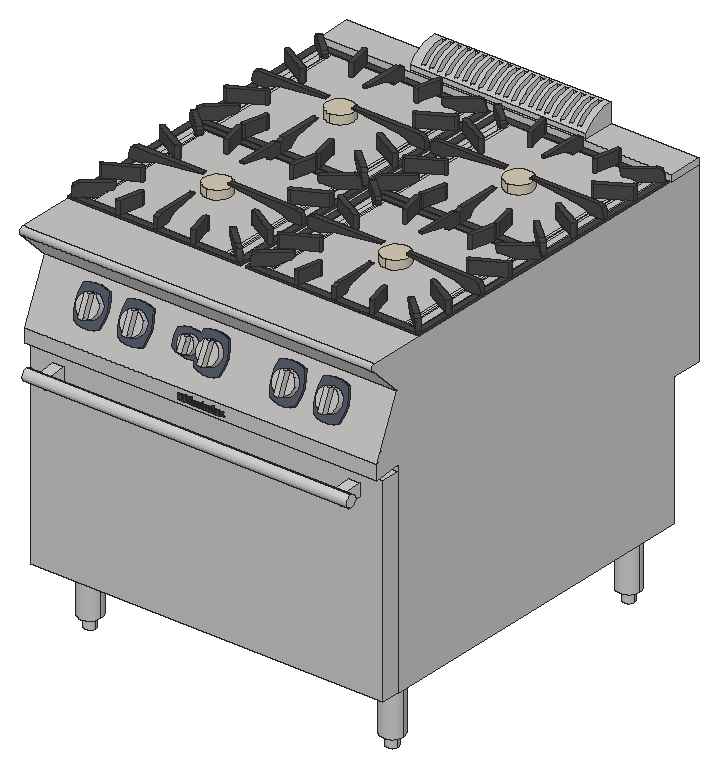
Revit family "QF_ELECTROLUXPROFESSIONAL_391577_E9AALTBBMEI", category Attrezzature speciali, Revit 2018 (continued)
Automatic sketch dimensions
  Extrusion 12 sketch curve to Extrusion 12 sketch curve = 3.062 mm
  Extrusion 12 sketch curve to Extrusion 12 sketch curve = 2.968 mm
  Extrusion 12 sketch curve to Extrusion 12 sketch curve = 5.044 mm
  Extrusion 12 sketch curve to Extrusion 12 sketch curve = 0.629 mm  (x2)
  Extrusion 12 sketch curve to Extrusion 12 sketch curve = 1.131 mm
  Extrusion 12 sketch curve to Extrusion 12 sketch curve = 0.137 mm
  Extrusion 12 sketch curve to Extrusion 12 sketch curve = 0.027 mm
  Extrusion 12 sketch curve to Extrusion 12 sketch curve = 2.235 mm
  Extrusion 13 sketch curve to Extrusion 1 = 0 mm
  Extrusion 1 to Extrusion 13 sketch curve = 9.61 mm
  Extrusion 13 sketch curve to Extrusion 1 = 0.775 mm
  Extrusion 1 to Extrusion 13 sketch curve = 0.1 mm
  Extrusion 15 sketch curve to plane 12 = 13.597 mm
  Extrusion 15 sketch curve to plane 13 = 298.908 mm
  plane 5 "FRONT" to Extrusion 15 sketch curve = 18.336 mm
  Extrusion 15 sketch curve to Extrusion 15 sketch curve = 3.343 mm
  Extrusion 15 sketch curve to Extrusion 15 sketch curve = 2.066 mm
  Extrusion 15 sketch curve to Extrusion 15 sketch curve = 0 mm  (x2)
  Extrusion 15 sketch curve to Extrusion 15 sketch curve = 1.593 mm
  Extrusion 15 sketch curve to Extrusion 15 sketch curve = 5.756 mm
  Extrusion 15 sketch curve to Extrusion 15 sketch curve = 4.906 mm
  Extrusion 15 sketch curve to Extrusion 15 sketch curve = 5.312 mm
  plane 5 "FRONT" to Extrusion 15 sketch curve = 9.206 mm
  Extrusion 15 sketch curve to Extrusion 15 sketch curve = 11.3 mm
  Extrusion 15 sketch curve to Extrusion 15 sketch curve = 28.009 mm
  Extrusion 15 sketch curve to Extrusion 15 sketch curve = 2.83 mm
  Extrusion 16 sketch curve to plane 12 = 13.597 mm
  Extrusion 16 sketch curve to plane 13 = 298.908 mm
  plane 5 "FRONT" to Extrusion 16 sketch curve = 18.336 mm
  Extrusion 16 sketch curve to Extrusion 16 sketch curve = 3.343 mm
  Extrusion 16 sketch curve to Extrusion 16 sketch curve = 2.066 mm
  Extrusion 16 sketch curve to Extrusion 16 sketch curve = 0 mm  (x2)
  Extrusion 16 sketch curve to Extrusion 16 sketch curve = 1.593 mm
  Extrusion 16 sketch curve to Extrusion 16 sketch curve = 5.756 mm
  Extrusion 16 sketch curve to Extrusion 16 sketch curve = 4.906 mm
  Extrusion 16 sketch curve to Extrusion 16 sketch curve = 5.312 mm
  plane 5 "FRONT" to Extrusion 16 sketch curve = 9.206 mm
  Extrusion 16 sketch curve to Extrusion 16 sketch curve = 11.3 mm
  Extrusion 16 sketch curve to Extrusion 16 sketch curve = 28.009 mm
  Extrusion 16 sketch curve to Extrusion 16 sketch curve = 11.2 mm
  Extrusion 17 sketch curve to Extrusion 13 = 0 mm
  Extrusion 17 sketch curve to Extrusion 13 = 0.003 mm
  Extrusion 13 to Extrusion 17 sketch curve = 0 mm
  plane 5 "FRONT" to Extrusion 19 sketch curve = 0 mm  (x2)
  plane 1 "BACK" to Extrusion 19 sketch curve = 0 mm
  Extrusion 19 sketch curve to plane 3 "LEFT" = 0 mm
  Extrusion 19 sketch curve to plane 4 "RIGHT" = 0 mm
  Extrusion 19 sketch curve to plane 3 "LEFT" = 100.013 mm
  Extrusion 19 sketch curve to Extrusion 19 sketch curve = 100.013 mm
  Extrusion 19 sketch curve to plane 1 "BACK" = 100.013 mm
  plane 4 "RIGHT" to Revolve 3 sketch curve = 56 mm
  Revolve 3 sketch curve to Revolve 3 sketch curve = 0 mm
  plane 4 "RIGHT" to Revolve 4 sketch curve = 56 mm
  Revolve 4 sketch curve to Revolve 4 sketch curve = 0 mm
  Extrusion 9 sketch curve to Extrusion 9 sketch curve = 15.898 mm
  plane 5 "FRONT" to curve 1 = 0 mm
  curve 9 to plane 3 "LEFT" = 0 mm
  plane 5 "FRONT" to curve 20 = 0 mm
  curve 5 to plane 4 "RIGHT" = 0 mm
  curve 1 to plane 3 "LEFT" = 100.013 mm
  plane 5 "FRONT" to curve 13 = 7.706 mm
  plane 14 to curve 13 = 25.075 mm
  plane 14 to curve 20 = 5.2 mm
  curve 22 to plane 14 = 20.2 mm
  curve 17 to plane 18 = 20.2 mm
  plane 18 to curve 23 = 5.2 mm
  plane 5 "FRONT" to curve 15 = 7.706 mm
  curve 15 to curve 15 = 19.875 mm
  plane 4 "RIGHT" to curve 10 = 0.1 mm
  curve 2 to plane 4 "RIGHT" = 100.013 mm
  curve 17 to curve 17 = 23.508 mm
  curve 20 to curve 19 = 15.802 mm
  curve 12 to curve 20 = 9.598 mm
  curve 9 to curve 12 = 387.524 mm
  curve 18 to curve 17 = 7.706 mm
  plane 5 "FRONT" to curve 10 = 0.63 mm
  curve 3 to plane 5 "FRONT" = 0.396 mm
  plane 11 to curve 7 = 4.762 mm
  curve 2 to plane 1 "BACK" = 100.013 mm
  plane 1 "BACK" to curve 24 = 0 mm
  curve 24 to plane 14 = 144 mm
  plane 1 "BACK" to curve 105 = 6.761 mm
  curve 24 to curve 105 = 20.698 mm
  curve 104 to curve 103 = 9.296 mm
  curve 103 to curve 102 = 9.397 mm
  curve 100 to curve 99 = 9.296 mm
  curve 99 to curve 97 = 9.397 mm
  curve 97 to curve 98 = 9.296 mm
  curve 95 to curve 93 = 9.397 mm
  curve 93 to curve 94 = 9.296 mm
  curve 91 to curve 90 = 9.397 mm
  curve 89 to curve 87 = 9.296 mm
  curve 87 to curve 85 = 9.397 mm
  curve 85 to curve 86 = 9.296 mm
  curve 83 to curve 82 = 9.397 mm
  curve 81 to curve 82 = 9.296 mm
  curve 79 to curve 76 = 9.397 mm
  curve 77 to curve 78 = 9.296 mm
  curve 75 to curve 72 = 9.397 mm
  curve 73 to curve 74 = 9.296 mm
  curve 71 to curve 68 = 9.397 mm
  curve 67 to plane 7 "Center Y" = 1.823 mm
  plane 7 "Center Y" to curve 65 = 7.574 mm
  curve 65 to curve 66 = 9.296 mm
  curve 63 to curve 61 = 9.397 mm
  curve 61 to curve 59 = 9.296 mm
  curve 59 to curve 57 = 9.397 mm
  curve 57 to curve 55 = 9.296 mm
  curve 55 to curve 53 = 9.397 mm
  curve 53 to curve 51 = 9.296 mm
  curve 51 to curve 48 = 9.397 mm
  curve 49 to curve 47 = 9.296 mm
  curve 47 to curve 45 = 9.397 mm
  curve 45 to curve 46 = 9.296 mm
  curve 43 to curve 41 = 9.397 mm
  curve 41 to curve 42 = 9.296 mm
  curve 39 to curve 37 = 9.397 mm
  curve 37 to curve 38 = 9.296 mm
  curve 35 to curve 32 = 9.397 mm
  curve 33 to curve 31 = 9.296 mm
  curve 31 to curve 28 = 9.397 mm
  curve 29 to curve 27 = 9.296 mm
  curve 27 to curve 26 = 14.847 mm
  plane 11 to curve 26 = 11.113 mm
  plane 11 to curve 104 = 17.052 mm
  plane 11 to curve 100 = 17.052 mm
  curve 100 to curve 96 = 0 mm
  curve 25 to curve 27 = 5.939 mm
  curve 95 to curve 93 = 0 mm
  curve 31 to curve 28 = 0 mm
  curve 91 to curve 89 = 0 mm
  curve 35 to curve 32 = 0 mm
  curve 87 to curve 85 = 0 mm
  curve 39 to curve 36 = 0 mm
  curve 83 to curve 81 = 0 mm
  curve 43 to curve 40 = 0 mm
  curve 79 to curve 77 = 0 mm
  curve 47 to curve 44 = 0 mm
  curve 75 to curve 73 = 0 mm
  curve 51 to curve 48 = 0 mm
  curve 71 to curve 69 = 0 mm
  curve 55 to curve 52 = 0 mm
  curve 67 to curve 65 = 0 mm
  curve 59 to curve 56 = 0 mm
  plane 1 "BACK" to curve 62 = 6.761 mm
  plane 1 "BACK" to curve 63 = 6.761 mm
  plane 1 "BACK" to curve 58 = 6.761 mm
  plane 1 "BACK" to curve 67 = 6.761 mm
  plane 1 "BACK" to curve 54 = 6.761 mm
  plane 1 "BACK" to curve 50 = 6.761 mm
  plane 1 "BACK" to curve 73 = 6.761 mm
  plane 1 "BACK" to curve 46 = 6.761 mm
  plane 1 "BACK" to curve 77 = 6.761 mm
  plane 1 "BACK" to curve 42 = 6.761 mm
  plane 1 "BACK" to curve 81 = 6.761 mm
  plane 1 "BACK" to curve 83 = 6.761 mm
  plane 1 "BACK" to curve 38 = 6.761 mm
  plane 1 "BACK" to curve 34 = 6.761 mm
  plane 1 "BACK" to curve 89 = 6.761 mm
  plane 1 "BACK" to curve 91 = 6.761 mm
  plane 1 "BACK" to curve 30 = 6.761 mm
  plane 1 "BACK" to curve 95 = 6.761 mm
  plane 1 "BACK" to curve 101 = 6.761 mm
  radius of Extrusion 10 sketch curve = 25.4 mm  (x5)
  radius of Extrusion 10 sketch curve = 19.05 mm
  radius of Extrusion 11 sketch curve to Extrusion 10 = 0 mm  (x6)
  radius of Extrusion 14 sketch curve to Extrusion 16 = 0 mm
  radius of Extrusion 18 sketch curve = 6.4 mm  (x2)
Nested families
  nested 1: "371009_BURNER" at (393.7, -440.488, 0) x (-1, 0, 0) z (0, 0, 1), type "371009_BURNER"
    with Type Mark "", Status "", Specification by User "", Revision Code "", Item Number "", Installed By "", Identify Quantity as Lot yes, Furnished By "", Foodservice Equipment Identifier yes
  nested 2: "371009_BURNER" at (393.7, -440.488, 0) x (-1, 0, 0) z (0, 0, 1), type "371009_BURNER"
    with Type Mark "", Status "", Specification by User "", Revision Code "", Item Number "", Installed By "", Identify Quantity as Lot yes, Furnished By "", Foodservice Equipment Identifier yes
  nested 3: "371009_BURNER" at (406.4, -440.488, 0), type "371009_BURNER"
    with Type Mark "", Status "", Specification by User "", Revision Code "", Item Number "", Installed By "", Identify Quantity as Lot yes, Furnished By "", Foodservice Equipment Identifier yes
  nested 4: "371009_BURNER" at (406.4, -440.488, 0), type "371009_BURNER"
    with Type Mark "", Status "", Specification by User "", Revision Code "", Item Number "", Installed By "", Identify Quantity as Lot yes, Furnished By "", Foodservice Equipment Identifier yes
Connectors
  piping at (749.3, -665.163, 128.587), diameter 12.8
    settings: on Extrusion 18, index 1, connector inside diameter 0.50394", connector length 0 mm, flow factor 0, pipe flow 0 GPM, pressure drop 0.00 psi, fitting loss kfactor 0, connector angle 0.00°, fixture units 0, engagement length 0 mm, angle of deflection 0.00°, flow configuration 1, flow direction 1, fitting loss method 0, system type 7, joint type 0, gender type 0, connector reference index -1, connector utility 0, adjustable connector no, is connector primary yes, connector description "GAS CONNECTION"
Definition of nested family "371009_BURNER"
  Parameters
    Weight in Pounds = 0
    URL Cutsheet = ""
    URL = "www.electrolux.com"
    Type Mark [instance] = ""
    Status [instance] = ""
    Specification by User [instance] = ""
    Specification by Manufacturer = ""
    Show Clearance [instance] = yes
    Serial Number = ""
    Seismic Rating = ""
    SMACNA No = ""
    Revision Code [instance] = ""
    Omniclass Number and Title = ""
    NAFEM Spec ID Number = ""
    Model = "371009"
    Masterspec = ""
    Manufacturer = "ELECTROLUX"
    Item Number [instance] = ""
    Installed By [instance] = ""
    Identify Quantity as Lot [instance] = yes
    Furnished By [instance] = ""
    Foodservice Equipment Identifier [instance] = yes
    Description = ""
    CSI MasterFormat = ""
    CSI Master Format = ""
  Reference planes
    plane 1 "BACK": y = 0
    plane 2: z = 0
    plane 3 "LEFT": x = 0
    plane 4 "RIGHT": x = 393.7
    plane 5 "FRONT": y = -355.6
    plane 6 "TOP": z = 908.85
    plane 7 "Center Y": x = 196.85
    plane 8 "Center X": y = -177.8
    plane 9 "Base": z = 150
    plane 10: z = 850.85
  Forms (mm)
    Extrusion 1, solid
      sketch origin (-6.433, -404.961, 5) x (1, 0, 0) y (0, 0, -1)
        loop
          arc (7.142, -850.85) -> (6.739, -862.989) -> (9.761, -874.752) r 42.809
          line (9.761, -874.752) -> (19.961, -879.425) -> (173.122, -879.425)
          arc (173.122, -879.425) -> (174.316, -878.312) -> (173.289, -877.043) r 1.197
          line (173.289, -877.043) -> (64.848, -864.021)
          arc (64.848, -864.021) -> (50.111, -858.738) -> (36.589, -850.85) r 85.245
          line (36.589, -850.85) -> (7.142, -850.85)
        loop
          line (399.424, -850.85) -> (369.977, -850.85)
          arc (369.977, -850.85) -> (356.455, -858.738) -> (341.718, -864.021) r 85.245
          line (341.718, -864.021) -> (233.277, -877.043)
          arc (233.277, -877.043) -> (232.25, -878.312) -> (233.444, -879.425) r 1.197
          line (233.444, -879.425) -> (386.605, -879.425) -> (396.806, -874.752)
          arc (396.806, -874.752) -> (399.827, -862.989) -> (399.424, -850.85) r 42.809
      from 224.564 to 234.564
    Extrusion 2, solid
      sketch origin (196.85, 175.397, 1219.2) x (0, 1, 0) y (0, 0, 1)
        loop
          line (-204.463, -363.35) -> (-175.397, -363.35) -> (-175.397, -339.506)
          arc (-175.397, -339.506) -> (-181.025, -338.266) -> (-185.611, -334.775) r 13.39
          line (-185.611, -334.775) -> (-278.903, -334.775)
          arc (-278.903, -334.775) -> (-280.097, -335.888) -> (-279.07, -337.157) r 1.197
          line (-279.07, -337.157) -> (-227.151, -347.464)
          arc (-227.151, -347.464) -> (-213.741, -352.457) -> (-204.463, -363.35) r 28.426
        loop
          arc (-496.332, -363.35) -> (-487.053, -352.457) -> (-473.644, -347.464) r 28.426
          line (-473.644, -347.464) -> (-421.725, -337.157)
          arc (-421.725, -337.157) -> (-420.697, -335.888) -> (-421.891, -334.775) r 1.197
          line (-421.891, -334.775) -> (-515.184, -334.775)
          arc (-515.184, -334.775) -> (-519.769, -338.266) -> (-525.397, -339.506) r 13.39
          line (-525.397, -339.506) -> (-525.397, -363.35) -> (-496.332, -363.35)
      from -5 to 5
    Extrusion 3, solid
      sketch origin (-6.433, 367.064, 850.85) x (0, -1, 0) y (1, 0, 0)
        loop
          line (722.664, 6.433) -> (722.664, 400.133) -> (367.064, 400.133) -> (367.064, 6.433) -> (722.664, 6.433)
        loop
          line (382.064, 21.433) -> (707.664, 21.433) -> (707.664, 385.133) -> (382.064, 385.133) -> (382.064, 21.433)
      from 0 to 5
    Extrusion 4, solid
      sketch origin (-18.933, 367.064, 855.85) x (0, -1, 0) y (1, 0, 0)
        loop
          circle (541.667, 215.783) r 30
      from -1.321 to 17.134
    Extrusion 5, solid
      sketch origin (-6.433, -367.064, 0) x (1, 0, 0) y (0, 0, -1)
        loop
          line (21.433, -855.85) -> (36.589, -855.85)
          arc (36.589, -855.85) -> (40.561, -855.243) -> (44.305, -853.783) r 18.259
          arc (44.305, -853.783) -> (45.997, -853.366) -> (47.69, -853.783) r 3.649
          arc (47.69, -853.783) -> (49.901, -854.522) -> (52.232, -854.529) r 7.328
          line (52.232, -854.529) -> (354.334, -854.529)
          arc (354.334, -854.529) -> (356.666, -854.522) -> (358.877, -853.783) r 7.328
          arc (358.877, -853.783) -> (360.569, -853.366) -> (362.261, -853.783) r 3.649
          arc (362.261, -853.783) -> (366.005, -855.243) -> (369.977, -855.85) r 18.259
          line (369.977, -855.85) -> (385.133, -855.85) -> (385.133, -850.85) -> (21.433, -850.85) -> (21.433, -855.85)
      from 26.464 to 352.064
    Extrusion 6, solid
      sketch origin (83.284, -458.334, 5) x (0.742103, 0.670286, 0) y (0, 0, -1)
        loop
          arc (88.629, -864.012) -> (73.909, -858.731) -> (60.402, -850.85) r 85.245
          line (60.402, -850.85) -> (14.993, -850.85)
          arc (14.993, -850.85) -> (14.642, -862.948) -> (17.686, -874.663) r 42.876
          line (17.686, -874.663) -> (27.899, -879.425) -> (89.664, -879.425)
          arc (89.664, -879.425) -> (92.39, -878.352) -> (93.654, -875.709) r 4
          arc (93.654, -875.709) -> (92.562, -869.25) -> (88.629, -864.012) r 13.87
        loop
          arc (457.638, -864.012) -> (453.704, -869.25) -> (452.613, -875.709) r 13.87
          arc (452.613, -875.709) -> (453.876, -878.352) -> (456.603, -879.425) r 4
          line (456.603, -879.425) -> (518.367, -879.425) -> (528.581, -874.663)
          arc (528.581, -874.663) -> (531.624, -862.948) -> (531.273, -850.85) r 42.876
          line (531.273, -850.85) -> (485.865, -850.85)
          arc (485.865, -850.85) -> (472.357, -858.731) -> (457.638, -864.012) r 85.245
      from 127.064 to 137.064
    Extrusion 7, solid
      sketch origin (310.416, -458.334, 5) x (-0.742103, 0.670286, 0) y (0, 0, 1)
        loop
          arc (88.629, 864.012) -> (92.562, 869.25) -> (93.654, 875.709) r 13.87
          arc (93.654, 875.709) -> (92.39, 878.352) -> (89.664, 879.425) r 4
          line (89.664, 879.425) -> (27.899, 879.425) -> (17.686, 874.663)
          arc (17.686, 874.663) -> (14.642, 862.948) -> (14.993, 850.85) r 42.876
          line (14.993, 850.85) -> (60.402, 850.85)
          arc (60.402, 850.85) -> (73.909, 858.731) -> (88.629, 864.012) r 85.245
        loop
          arc (457.638, 864.012) -> (472.357, 858.731) -> (485.865, 850.85) r 85.245
          line (485.865, 850.85) -> (531.273, 850.85)
          arc (531.273, 850.85) -> (531.624, 862.948) -> (528.581, 874.663) r 42.876
          line (528.581, 874.663) -> (518.367, 879.425) -> (456.603, 879.425)
          arc (456.603, 879.425) -> (453.876, 878.352) -> (452.613, 875.709) r 4
          arc (452.613, 875.709) -> (453.704, 869.25) -> (457.638, 864.012) r 13.87
      from 127.064 to 137.064
    Extrusion 8, solid
      sketch origin (-6.433, 367.064, 855.85) x (0, -1, 0) y (1, 0, 0)
        loop
          arc (626.166, 9.428) -> (632.956, 7.454) -> (634.93, 14.244) r 5
          line (634.93, 14.244) -> (600.514, 76.878)
          arc (600.514, 76.878) -> (593.724, 78.852) -> (591.75, 72.062) r 5
          line (591.75, 72.062) -> (626.166, 9.428)
        loop
          line (463.562, 9.428) -> (497.977, 72.062)
          arc (497.977, 72.062) -> (496.003, 78.852) -> (489.213, 76.878) r 5
          line (489.213, 76.878) -> (454.798, 14.244)
          arc (454.798, 14.244) -> (456.772, 7.454) -> (463.562, 9.428) r 5
        loop
          line (626.166, 397.138) -> (591.75, 334.504)
          arc (591.75, 334.504) -> (593.724, 327.714) -> (600.514, 329.689) r 5
          line (600.514, 329.689) -> (634.93, 392.323)
          arc (634.93, 392.323) -> (632.956, 399.113) -> (626.166, 397.138) r 5
        loop
          arc (463.562, 397.138) -> (456.772, 399.113) -> (454.798, 392.323) r 5
          line (454.798, 392.323) -> (489.213, 329.689)
          arc (489.213, 329.689) -> (496.003, 327.714) -> (497.977, 334.504) r 5
          line (497.977, 334.504) -> (463.562, 397.138)
        loop
          line (715.14, 293.499) -> (666.703, 282.317)
          arc (666.703, 282.317) -> (662.956, 276.32) -> (668.953, 272.573) r 5
          line (668.953, 272.573) -> (717.389, 283.756)
          arc (717.389, 283.756) -> (721.136, 289.752) -> (715.14, 293.499) r 5
        loop
          arc (715.14, 113.067) -> (721.136, 116.814) -> (717.389, 122.811) r 5
          line (717.389, 122.811) -> (668.953, 133.993)
          arc (668.953, 133.993) -> (662.956, 130.246) -> (666.703, 124.249) r 5
          line (666.703, 124.249) -> (715.14, 113.067)
        loop
          arc (374.588, 293.499) -> (368.591, 289.752) -> (372.338, 283.756) r 5
          line (372.338, 283.756) -> (420.775, 272.573)
          arc (420.775, 272.573) -> (426.771, 276.32) -> (423.024, 282.317) r 5
          line (423.024, 282.317) -> (374.588, 293.499)
        loop
          line (374.588, 113.067) -> (423.024, 124.249)
          arc (423.024, 124.249) -> (426.771, 130.246) -> (420.775, 133.993) r 5
          line (420.775, 133.993) -> (372.338, 122.811)
          arc (372.338, 122.811) -> (368.591, 116.814) -> (374.588, 113.067) r 5
      from 0 to 28.575
  Lines and regions (mm)
    symbolic lines
      curve 1: line (0, -355.6, 150) -> (393.7, -355.6, 150)
      curve 2: line (0, 0, 150) -> (0, -355.6, 150)
      curve 3: line (393.7, -355.6, 150) -> (393.7, 0, 150)
      curve 4: line (369.633, -15, 150) -> (285.34, -15, 150)
      curve 5: line (24.067, -340.6, 150) -> (108.36, -340.6, 150)
      curve 6: line (157.475, -170.397, 150) -> (157.475, -15, 150)
      curve 7: line (236.225, -170.397, 150) -> (236.225, -15, 150)
      curve 8: line (201.85, -350, 150) -> (201.85, -176.674, 150)
      curve 9: line (0, -180.397, 150) -> (167.224, -180.397, 150)
      curve 10: line (393.7, -170.397, 150) -> (228.275, -170.397, 150)
      curve 11: line (15, -180.397, 150) -> (15, -252.506, 150)
      curve 12: line (45.799, -340.6, 150) -> (45.799, -320.971, 150)
      curve 13: line (167.224, -170.397, 150) -> (0, -170.397, 150)
      curve 14: line (228.275, -180.504, 150) -> (393.7, -180.504, 150)
      curve 15: arc (228.275, -170.397, 150) -> (223.221, -175.45, 150) -> (228.275, -180.504, 150) r 5.054
      curve 16: arc (167.224, -170.397, 150) -> (172.224, -175.397, 150) -> (167.224, -180.397, 150) r 5
      curve 17: line (191.85, -176.674, 150) -> (191.85, -350, 150)
      curve 18: line (201.85, -134.556, 150) -> (201.85, -0.794, 150)
      curve 19: arc (201.85, -176.674, 150) -> (196.85, -171.674, 150) -> (191.85, -176.674, 150) r 5
      curve 20: arc (201.85, -134.556, 150) -> (196.85, -139.556, 150) -> (191.85, -134.556, 150) r 5
      curve 21: line (191.85, -15, 150) -> (118.623, -15, 150)
      curve 22: arc (201.85, -29.042, 150) -> (213.272, -50.008, 150) -> (201.85, -70.973, 150) r 24.953
      curve 23: arc (213.086, -53.048, 150) -> (214.5, -50.008, 150) -> (213.086, -46.967, 150) r 3.975
      curve 24: arc (191.85, -29.852, 150) -> (181.339, -50.008, 150) -> (191.85, -70.163, 150) r 24.58
      curve 25: arc (181.527, -53.042, 150) -> (179.976, -50.008, 150) -> (181.527, -46.973, 150) r 3.745
      curve 26: line (191.85, -0.794, 150) -> (191.85, -134.556, 150)
      curve 27: line (191.85, -350, 150) -> (201.85, -350, 150)
      curve 28: line (191.85, -11.007, 150) -> (201.85, -11.007, 150)
      curve 29: line (191.85, -0.794, 150) -> (201.85, -0.794, 150)
      curve 30: line (201.85, -340.6, 150) -> (275.077, -340.6, 150)
      curve 31: arc (196.85, -145.397, 0) -> (166.955, -172.888, 0) -> (191.85, -204.977, 0) r 30
      curve 32: arc (201.85, -204.977, 0) -> (226.745, -172.888, 0) -> (196.85, -145.397, 0) r 30
      curve 33: arc (158.678, -180.397, 0) -> (170.734, -200.207, 0) -> (191.85, -209.795, 0) r 39.375
      curve 34: line (163.825, -170.397, 150) -> (163.825, -15, 150)
      curve 35: line (229.875, -170.397, 150) -> (229.875, -15, 150)
      curve 36: line (144.775, -170.397, 150) -> (144.775, -15, 150)
      curve 37: line (248.925, -170.397, 150) -> (248.925, -15, 150)
      curve 38: arc (145.678, -180.397, 0) -> (161.728, -209.187, 0) -> (191.85, -222.573, 0) r 52.075
      curve 39: arc (201.85, -209.795, 0) -> (222.966, -200.207, 0) -> (235.022, -180.397, 0) r 39.375
      curve 40: arc (201.85, -222.573, 0) -> (231.931, -209.224, 0) -> (248.001, -180.504, 0) r 52.075
      curve 41: line (393.7, 0, 0) -> (0, 0, 0)
      curve 42: line (70.445, -122.149, 0) -> (7.81, -87.734, 0)
      curve 43: arc (7.81, -87.734, 0) -> (1.021, -89.708, 0) -> (2.995, -96.498, 0) r 5
      curve 44: line (2.995, -96.498, 0) -> (65.629, -130.914, 0)
      curve 45: arc (65.629, -130.914, 0) -> (72.419, -128.939, 0) -> (70.445, -122.149, 0) r 5
      curve 46: line (65.629, -224.686, 0) -> (2.995, -259.102, 0)
      curve 47: arc (2.995, -259.102, 0) -> (1.021, -265.892, 0) -> (7.81, -267.866, 0) r 5
      curve 48: line (7.81, -267.866, 0) -> (70.445, -233.451, 0)
      curve 49: arc (70.445, -233.451, 0) -> (72.419, -226.661, 0) -> (65.629, -224.686, 0) r 5
      curve 50: line (323.255, -122.149, 0) -> (385.89, -87.734, 0)
      curve 51: arc (385.89, -87.734, 0) -> (392.679, -89.708, 0) -> (390.705, -96.498, 0) r 5
      curve 52: line (390.705, -96.498, 0) -> (328.071, -130.914, 0)
      curve 53: arc (328.071, -130.914, 0) -> (321.281, -128.939, 0) -> (323.255, -122.149, 0) r 5
      curve 54: line (328.071, -224.686, 0) -> (390.705, -259.102, 0)
      curve 55: arc (390.705, -259.102, 0) -> (392.679, -265.892, 0) -> (385.89, -267.866, 0) r 5
      curve 56: line (385.89, -267.866, 0) -> (323.255, -233.451, 0)
      curve 57: arc (323.255, -233.451, 0) -> (321.281, -226.661, 0) -> (328.071, -224.686, 0) r 5
      curve 58: line (118.623, -340.6, 150) -> (191.85, -340.6, 150)
      curve 59: line (285.34, -340.6, 150) -> (369.633, -340.6, 150)
      curve 60: line (378.7, -335.314, 0) -> (378.7, -263.916, 0)
      curve 61: line (1.326, -7.935, 0) -> (58.752, -59.804, 0)
      curve 62: line (65.455, -52.383, 0) -> (8.029, -0.514, 0)
      curve 63: arc (58.752, -59.804, 0) -> (65.814, -59.445, 0) -> (65.455, -52.383, 0) r 5
      curve 64: line (1.326, -7.935, 0) -> (8.029, -0.514, 0)
      curve 65: line (392.374, -7.935, 0) -> (334.948, -59.804, 0)
      curve 66: line (328.245, -52.383, 0) -> (385.671, -0.514, 0)
      curve 67: arc (334.948, -59.804, 0) -> (327.886, -59.445, 0) -> (328.245, -52.383, 0) r 5
      curve 68: line (392.374, -7.935, 0) -> (385.671, -0.514, 0)
      curve 69: line (392.374, -347.665, 0) -> (334.948, -295.796, 0)
      curve 70: line (328.245, -303.217, 0) -> (385.671, -355.086, 0)
      curve 71: arc (334.948, -295.796, 0) -> (327.886, -296.155, 0) -> (328.245, -303.217, 0) r 5
      curve 72: line (392.374, -347.665, 0) -> (385.671, -355.086, 0)
      curve 73: line (1.326, -347.665, 0) -> (58.752, -295.796, 0)
      curve 74: line (65.455, -303.217, 0) -> (8.029, -355.086, 0)
      curve 75: arc (58.752, -295.796, 0) -> (65.814, -296.155, 0) -> (65.455, -303.217, 0) r 5
      curve 76: line (1.326, -347.665, 0) -> (8.029, -355.086, 0)
      curve 77: line (347.901, -15, 0) -> (347.901, -34.629, 0)
      curve 78: line (347.901, -320.971, 0) -> (347.901, -340.6, 0)
      curve 79: line (378.7, -252.506, 0) -> (378.7, -180.397, 0)
      curve 80: line (347.901, -246.993, 0) -> (347.901, -307.496, 0)
      curve 81: line (378.7, -170.397, 0) -> (378.7, -103.094, 0)
      curve 82: line (347.901, -180.397, 0) -> (347.901, -235.582, 0)
      curve 83: line (378.7, -91.684, 0) -> (378.7, -20.286, 0)
      curve 84: line (347.901, -120.018, 0) -> (347.901, -170.397, 0)
      curve 85: line (347.901, -48.104, 0) -> (347.901, -108.607, 0)
      curve 86: line (275.077, -15, 150) -> (201.85, -15, 150)
      curve 87: line (108.36, -15, 150) -> (24.067, -15, 150)
      curve 88: line (45.799, -40, 150) -> (45.799, -15, 150)
      curve 89: line (45.799, -108.607, 150) -> (45.799, -40, 150)
      curve 90: line (15, -20.286, 0) -> (15, -91.684, 0)
      curve 91: line (15, -103.094, 0) -> (15, -170.397, 0)
      curve 92: line (45.799, -170.397, 150) -> (45.799, -120.018, 150)
      curve 93: line (45.799, -235.582, 150) -> (45.799, -180.397, 150)
      curve 94: line (15, -263.916, 150) -> (15, -335.314, 150)
      curve 95: line (45.799, -307.496, 150) -> (45.799, -246.993, 150)
      curve 96: line (116.378, -350.325, 0) -> (127.56, -301.889, 0)
      curve 97: arc (127.56, -301.889, 0) -> (123.813, -295.892, 0) -> (117.816, -299.64, 0) r 5
      curve 98: line (117.816, -299.64, 0) -> (106.634, -348.076, 0)
      curve 99: arc (106.634, -348.076, 0) -> (110.381, -354.072, 0) -> (116.378, -350.325, 0) r 5
      curve 100: line (266.14, -301.889, 0) -> (277.322, -350.325, 0)
      curve 101: arc (277.322, -350.325, 0) -> (283.319, -354.072, 0) -> (287.066, -348.076, 0) r 5
      curve 102: line (287.066, -348.076, 0) -> (275.884, -299.64, 0)
      curve 103: arc (275.884, -299.64, 0) -> (269.887, -295.892, 0) -> (266.14, -301.889, 0) r 5
      curve 104: line (275.884, -55.96, 0) -> (287.066, -7.524, 0)
      curve 105: arc (287.066, -7.524, 0) -> (283.319, -1.528, 0) -> (277.322, -5.275, 0) r 5
      curve 106: line (277.322, -5.275, 0) -> (266.14, -53.711, 0)
      curve 107: arc (266.14, -53.711, 0) -> (269.887, -59.708, 0) -> (275.884, -55.96, 0) r 5
      curve 108: line (127.56, -53.711, 0) -> (116.378, -5.275, 0)
      curve 109: arc (116.378, -5.275, 0) -> (110.381, -1.528, 0) -> (106.634, -7.524, 0) r 5
      curve 110: line (106.634, -7.524, 0) -> (117.816, -55.96, 0)
      curve 111: arc (117.816, -55.96, 0) -> (123.813, -59.708, 0) -> (127.56, -53.711, 0) r 5
  Dimensions and locks
    equal spacing: plane 3 "LEFT", plane 7 "Center Y", plane 4 "RIGHT"
    plane 3 "LEFT" to plane 4 "RIGHT" = 393.7 mm
    equal spacing: plane 5 "FRONT", plane 8 "Center X", plane 1 "BACK"
    plane 5 "FRONT" to plane 1 "BACK" = 355.6 mm
    plane 6 "TOP" to level = 908.85 mm
    plane 9 "Base" to level = 150 mm
    plane 6 "TOP" to plane 10 = 58 mm  (x2)
    locked: Extrusion 4 sketch curve to plane 7 "Center Y" at 0
    aligned and locked: level to plane 2
  Automatic sketch dimensions
    curve 10 to plane 4 "RIGHT" = 0 mm
    curve 20 to plane 7 "Center Y" = 0 mm
    curve 19 to plane 7 "Center Y" = 0 mm
    curve 9 to plane 3 "LEFT" = 0 mm
    plane 1 "BACK" to curve 2 = 0 mm
    plane 1 "BACK" to curve 3 = 0 mm
    plane 5 "FRONT" to curve 2 = 0 mm
    curve 4 to plane 4 "RIGHT" = 24.067 mm
    curve 59 to plane 4 "RIGHT" = 24.067 mm
    plane 1 "BACK" to curve 37 = 15 mm
    plane 7 "Center Y" to curve 37 = 52.075 mm
    curve 37 to curve 7 = 12.7 mm
    curve 7 to curve 35 = 6.35 mm
    plane 8 "Center X" to curve 15 = 2.35 mm
    curve 35 to curve 15 = 1.6 mm
    plane 7 "Center Y" to curve 23 = 16.236 mm
    curve 23 to curve 23 = 0 mm
    curve 23 to curve 23 = 2.56 mm
    curve 23 to curve 24 = 4.607 mm
    plane 7 "Center Y" to curve 86 = 5 mm
    plane 7 "Center Y" to curve 27 = 5 mm
    curve 22 to plane 7 "Center Y" = 8.531 mm
    curve 22 to curve 25 = 4.597 mm
    curve 25 to curve 25 = 2.194 mm  (x2)
    curve 9 to plane 8 "Center X" = 2.597 mm
    curve 17 to curve 9 = 24.626 mm
    curve 21 to curve 34 = 28.025 mm
    curve 34 to curve 6 = 6.35 mm
    plane 8 "Center X" to curve 36 = 7.403 mm
    curve 6 to curve 36 = 12.7 mm
    plane 3 "LEFT" to curve 12 = 45.799 mm
    plane 3 "LEFT" to curve 87 = 24.067 mm
    plane 3 "LEFT" to curve 5 = 24.067 mm
    plane 1 "BACK" to curve 26 = 0.794 mm
    curve 28 to curve 86 = 3.993 mm
    curve 28 to curve 21 = 3.993 mm
    curve 86 to curve 22 = 14.042 mm
    curve 22 to curve 24 = 0.81 mm
    curve 22 to curve 23 = 17.925 mm
    curve 25 to curve 22 = 3.035 mm
    plane 8 "Center X" to curve 26 = 43.244 mm
    curve 15 to curve 15 = 5.054 mm
    plane 8 "Center X" to curve 17 = 1.126 mm
    curve 94 to curve 12 = 5.286 mm
    curve 58 to plane 5 "FRONT" = 15 mm
    curve 59 to plane 5 "FRONT" = 15 mm
    curve 8 to plane 5 "FRONT" = 5.6 mm
    plane 3 "LEFT" to Extrusion 1 sketch curve = 0.709 mm
    plane 3 "LEFT" to Extrusion 1 sketch curve = 3.327 mm
    Extrusion 1 sketch curve to Extrusion 1 sketch curve = 10.201 mm
    plane 10 to Extrusion 1 sketch curve = 5 mm  (x2)
    Extrusion 1 sketch curve to Extrusion 1 sketch curve = 29.447 mm
    Extrusion 1 sketch curve to Extrusion 1 sketch curve = 12.704 mm  (x2)
    Extrusion 1 sketch curve to Extrusion 1 sketch curve = 15.555 mm  (x2)
    plane 3 "LEFT" to Extrusion 1 sketch curve = 79.689 mm
    Extrusion 1 sketch curve to plane 7 "Center Y" = 30.161 mm
    Extrusion 1 sketch curve to Extrusion 1 sketch curve = 0.167 mm  (x2)
    plane 7 "Center Y" to Extrusion 1 sketch curve = 29.994 mm
    Extrusion 1 sketch curve to plane 4 "RIGHT" = 79.689 mm
    plane 10 to Extrusion 1 sketch curve = 18.171 mm
    Extrusion 1 sketch curve to plane 4 "RIGHT" = 58.415 mm
    Extrusion 1 sketch curve to plane 4 "RIGHT" = 13.528 mm
    Extrusion 1 sketch curve to plane 4 "RIGHT" = 3.327 mm
    Extrusion 1 sketch curve to plane 4 "RIGHT" = 0.709 mm
    Extrusion 1 sketch curve to Extrusion 1 sketch curve = 23.902 mm  (x2)
    Extrusion 1 sketch curve to plane 6 "TOP" = 26.807 mm  (x2)
    Extrusion 1 sketch curve to Extrusion 1 sketch curve = 1.185 mm  (x2)
    Extrusion 1 sketch curve to Extrusion 1 sketch curve = 5.694 mm
    Extrusion 2 sketch curve to plane 1 "BACK" = 0 mm
    plane 1 "BACK" to Extrusion 2 sketch curve = 10.213 mm
    plane 10 to Extrusion 2 sketch curve = 5 mm  (x2)
    plane 1 "BACK" to Extrusion 2 sketch curve = 29.066 mm
    plane 10 to Extrusion 2 sketch curve = 20.886 mm
    Extrusion 2 sketch curve to Extrusion 2 sketch curve = 22.688 mm  (x2)
    Extrusion 2 sketch curve to plane 10 = 7.392 mm  (x2)
    Extrusion 2 sketch curve to plane 6 "TOP" = 24.425 mm
    Extrusion 2 sketch curve to Extrusion 2 sketch curve = 51.752 mm
    Extrusion 2 sketch curve to plane 6 "TOP" = 26.807 mm  (x2)
    Extrusion 2 sketch curve to Extrusion 2 sketch curve = 0.167 mm  (x2)
    Extrusion 2 sketch curve to plane 8 "Center X" = 68.528 mm
    Extrusion 2 sketch curve to plane 5 "FRONT" = 60.248 mm
    Extrusion 2 sketch curve to Extrusion 2 sketch curve = 2.895 mm
    Extrusion 2 sketch curve to plane 5 "FRONT" = 15.813 mm
    Extrusion 2 sketch curve to plane 5 "FRONT" = 5.6 mm
    Extrusion 2 sketch curve to Extrusion 2 sketch curve = 4.731 mm
    Extrusion 2 sketch curve to Extrusion 2 sketch curve = 23.844 mm
    Extrusion 2 sketch curve to Extrusion 2 sketch curve = 1.185 mm
    plane 1 "BACK" to Extrusion 3 sketch curve = 0 mm
    Extrusion 3 sketch curve to plane 3 "LEFT" = 0 mm
    plane 5 "FRONT" to Extrusion 3 sketch curve = 0 mm
    Extrusion 3 sketch curve to plane 4 "RIGHT" = 0 mm
    plane 1 "BACK" to Extrusion 3 sketch curve = 15 mm
    Extrusion 3 sketch curve to plane 5 "FRONT" = 15 mm
    plane 3 "LEFT" to Extrusion 3 sketch curve = 15 mm
    Extrusion 3 sketch curve to plane 4 "RIGHT" = 15 mm
    Extrusion 3 to Extrusion 4 sketch curve = 159.603 mm
    Extrusion 5 sketch curve to plane 10 = 0 mm
    plane 3 "LEFT" to Extrusion 5 sketch curve = 15 mm
    Extrusion 5 sketch curve to Extrusion 5 sketch curve = 14.402 mm
    plane 10 to Extrusion 5 sketch curve = 5 mm
    Extrusion 5 sketch curve to Extrusion 5 sketch curve = 15.156 mm
    plane 10 to Extrusion 5 sketch curve = 2.933 mm  (x3)
    Extrusion 5 sketch curve to Extrusion 5 sketch curve = 7.716 mm  (x2)
    Extrusion 5 sketch curve to Extrusion 5 sketch curve = 0 mm  (x3)
    Extrusion 5 sketch curve to Extrusion 5 sketch curve = 1.692 mm  (x2)
    Extrusion 5 sketch curve to Extrusion 5 sketch curve = 3.385 mm  (x2)
    Extrusion 5 sketch curve to plane 10 = 3.559 mm  (x2)
    plane 10 to Extrusion 5 sketch curve = 3.679 mm
    Extrusion 5 sketch curve to plane 4 "RIGHT" = 45.799 mm
    Extrusion 5 sketch curve to Extrusion 5 sketch curve = 1.143 mm
    Extrusion 5 sketch curve to plane 10 = 13.244 mm
    Extrusion 5 sketch curve to plane 4 "RIGHT" = 15 mm
    plane 10 to Extrusion 6 sketch curve = 5 mm  (x2)
    Extrusion 6 sketch curve to Extrusion 6 sketch curve = 2.692 mm  (x2)
    Extrusion 6 sketch curve to Extrusion 6 sketch curve = 10.213 mm  (x2)
    plane 10 to Extrusion 6 sketch curve = 12.281 mm
    Extrusion 6 sketch curve to Extrusion 6 sketch curve = 29.348 mm  (x2)
    Extrusion 6 sketch curve to Extrusion 6 sketch curve = 3.155 mm  (x2)
    Extrusion 6 sketch curve to Extrusion 6 sketch curve = 22.572 mm
    Extrusion 6 sketch curve to Extrusion 6 sketch curve = 8.81 mm
    Extrusion 6 sketch curve to Extrusion 6 sketch curve = 9.845 mm  (x2)
    Extrusion 6 sketch curve to Extrusion 6 sketch curve = 3.99 mm  (x2)
    Extrusion 6 sketch curve to Extrusion 6 sketch curve = 0 mm  (x2)
    Extrusion 6 sketch curve to Extrusion 6 sketch curve = 49.533 mm
    Extrusion 6 sketch curve to plane 10 = 64.377 mm
    Extrusion 6 sketch curve to Extrusion 6 sketch curve = 326.397 mm
    Extrusion 6 sketch curve to plane 6 "TOP" = 28.141 mm
    Extrusion 6 sketch curve to Extrusion 6 sketch curve = 16.281 mm
    Extrusion 6 sketch curve to Extrusion 6 sketch curve = 1.035 mm
    Extrusion 6 sketch curve to Extrusion 6 sketch curve = 19.417 mm
    Extrusion 6 sketch curve to Extrusion 6 sketch curve = 4.763 mm  (x2)
    Extrusion 6 sketch curve to Extrusion 6 sketch curve = 3.716 mm
    plane 10 to Extrusion 7 sketch curve = 5 mm  (x2)
    Extrusion 7 sketch curve to Extrusion 7 sketch curve = 2.692 mm  (x2)
    Extrusion 7 sketch curve to Extrusion 7 sketch curve = 10.213 mm  (x2)
    plane 10 to Extrusion 7 sketch curve = 12.281 mm
    Extrusion 7 sketch curve to Extrusion 7 sketch curve = 29.348 mm  (x2)
    Extrusion 7 sketch curve to Extrusion 7 sketch curve = 3.155 mm  (x2)
    Extrusion 7 sketch curve to Extrusion 7 sketch curve = 22.572 mm
    Extrusion 7 sketch curve to Extrusion 7 sketch curve = 8.81 mm
    Extrusion 7 sketch curve to Extrusion 7 sketch curve = 9.845 mm  (x2)
    Extrusion 7 sketch curve to Extrusion 7 sketch curve = 3.99 mm  (x2)
    Extrusion 7 sketch curve to Extrusion 7 sketch curve = 0 mm  (x2)
    Extrusion 7 sketch curve to Extrusion 7 sketch curve = 21.306 mm
    Extrusion 7 sketch curve to plane 10 = 64.377 mm  (x2)
    Extrusion 7 sketch curve to Extrusion 7 sketch curve = 326.397 mm
    Extrusion 7 sketch curve to plane 6 "TOP" = 28.141 mm
    Extrusion 7 sketch curve to Extrusion 7 sketch curve = 16.281 mm
    Extrusion 7 sketch curve to Extrusion 7 sketch curve = 1.035 mm
    Extrusion 7 sketch curve to Extrusion 7 sketch curve = 19.417 mm
    Extrusion 7 sketch curve to Extrusion 7 sketch curve = 7.281 mm
    Extrusion 7 sketch curve to Extrusion 7 sketch curve = 10.713 mm
    curve 58 to curve 12 = 72.824 mm
    curve 30 to curve 30 = 73.227 mm
    curve 58 to curve 5 = 10.263 mm
    curve 5 to curve 58 = 0 mm
    curve 59 to curve 30 = 10.263 mm
    curve 30 to curve 8 = 9.4 mm
    curve 31 to curve 32 = 0 mm
    curve 33 to curve 38 = 0 mm  (x2)
    curve 33 to curve 39 = 0 mm  (x2)
    curve 33 to curve 40 = 0 mm  (x2)
    plane 1 "BACK" to curve 41 = 0 mm
    curve 41 to plane 3 "LEFT" = 0 mm
    curve 31 to plane 7 "Center Y" = 0 mm
    curve 33 to plane 7 "Center Y" = 0 mm
    curve 41 to plane 4 "RIGHT" = 0 mm
    plane 3 "LEFT" to curve 76 = 1.326 mm
    plane 3 "LEFT" to curve 64 = 1.326 mm
    plane 3 "LEFT" to curve 44 = 2.995 mm
    plane 3 "LEFT" to curve 46 = 2.995 mm
    curve 43 to curve 43 = 2.408 mm
    curve 46 to curve 47 = 2.408 mm
    curve 47 to curve 47 = 2.408 mm
    curve 43 to curve 42 = 2.408 mm
    curve 76 to plane 5 "FRONT" = 0.514 mm
    plane 3 "LEFT" to curve 76 = 8.029 mm
    plane 1 "BACK" to curve 62 = 0.514 mm
    plane 3 "LEFT" to curve 62 = 8.029 mm
    curve 48 to curve 75 = 50.941 mm
    curve 43 to curve 63 = 50.941 mm
    curve 75 to curve 75 = 3.351 mm
    curve 63 to curve 63 = 3.351 mm
    plane 1 "BACK" to curve 62 = 52.383 mm
    curve 63 to curve 62 = 3.351 mm
    curve 74 to plane 5 "FRONT" = 52.383 mm
    curve 75 to curve 74 = 3.351 mm
    plane 3 "LEFT" to curve 46 = 65.629 mm
    plane 3 "LEFT" to curve 44 = 65.629 mm
    curve 45 to curve 45 = 2.408 mm
    curve 46 to curve 49 = 2.408 mm
    curve 49 to curve 48 = 2.408 mm
    curve 45 to curve 42 = 2.408 mm
    curve 38 to plane 8 "Center X" = 2.597 mm
    curve 38 to plane 7 "Center Y" = 51.172 mm
    curve 33 to plane 8 "Center X" = 2.597 mm
    curve 38 to curve 33 = 12.999 mm
    curve 33 to plane 7 "Center Y" = 5 mm
    curve 38 to plane 7 "Center Y" = 5 mm
    curve 31 to curve 33 = 0 mm
    plane 7 "Center Y" to curve 32 = 5 mm
    plane 7 "Center Y" to curve 40 = 5 mm
    curve 39 to curve 32 = 0 mm
    curve 39 to plane 8 "Center X" = 2.597 mm
    plane 7 "Center Y" to curve 39 = 38.172 mm
    curve 40 to plane 8 "Center X" = 2.704 mm
    curve 39 to curve 40 = 12.979 mm
    curve 50 to plane 4 "RIGHT" = 70.445 mm
    curve 57 to plane 4 "RIGHT" = 70.445 mm
    curve 50 to curve 53 = 2.408 mm
    curve 57 to curve 57 = 2.408 mm  (x2)
    curve 53 to curve 53 = 2.408 mm
    curve 71 to curve 71 = 3.351 mm
    curve 67 to curve 67 = 3.351 mm
    curve 71 to curve 69 = 3.351 mm
    curve 67 to curve 65 = 3.351 mm
    curve 60 to plane 4 "RIGHT" = 15 mm
    curve 72 to plane 5 "FRONT" = 0.514 mm
    curve 72 to plane 4 "RIGHT" = 8.029 mm
    plane 1 "BACK" to curve 68 = 0.514 mm
    curve 68 to plane 4 "RIGHT" = 8.029 mm
    curve 50 to plane 4 "RIGHT" = 7.81 mm
    curve 55 to plane 4 "RIGHT" = 7.81 mm
    curve 55 to curve 55 = 2.408 mm
    curve 50 to curve 51 = 2.408 mm
    curve 55 to plane 4 "RIGHT" = 2.995 mm
    curve 51 to plane 4 "RIGHT" = 2.995 mm
    curve 69 to plane 4 "RIGHT" = 1.326 mm
    curve 65 to plane 4 "RIGHT" = 1.326 mm
    curve 72 to plane 5 "FRONT" = 7.935 mm
    curve 60 to plane 5 "FRONT" = 20.286 mm
    curve 71 to curve 56 = 27.93 mm
    curve 73 to curve 48 = 27.93 mm
    curve 47 to curve 47 = 4.382 mm
    curve 55 to curve 55 = 4.382 mm
    curve 56 to plane 8 "Center X" = 55.651 mm
    curve 48 to plane 8 "Center X" = 55.651 mm
    curve 57 to curve 57 = 4.382 mm
    curve 49 to curve 49 = 4.382 mm
    curve 40 to plane 8 "Center X" = 44.773 mm
    curve 39 to curve 32 = 4.818 mm
    plane 8 "Center X" to curve 31 = 2.403 mm
    plane 8 "Center X" to curve 45 = 46.886 mm
    plane 8 "Center X" to curve 52 = 46.886 mm
    curve 53 to curve 53 = 4.382 mm
    curve 45 to curve 45 = 4.382 mm
    curve 53 to curve 52 = 34.416 mm
    curve 44 to curve 61 = 36.694 mm
    curve 43 to curve 43 = 4.382 mm
    curve 51 to curve 51 = 4.382 mm
    curve 51 to curve 65 = 27.93 mm
    plane 1 "BACK" to curve 83 = 20.286 mm
    plane 1 "BACK" to curve 88 = 15 mm
    plane 1 "BACK" to curve 77 = 15 mm
    curve 77 to curve 83 = 30.799 mm
    curve 78 to plane 5 "FRONT" = 15 mm
    curve 80 to curve 71 = 7.989 mm
    curve 78 to curve 60 = 30.799 mm
    curve 78 to curve 80 = 13.475 mm
    curve 55 to curve 79 = 10.979 mm
    curve 82 to curve 57 = 6.514 mm
    curve 80 to curve 78 = 0 mm
    curve 80 to curve 82 = 11.41 mm
    curve 77 to curve 66 = 37.77 mm
    curve 60 to curve 79 = 11.41 mm
    plane 8 "Center X" to curve 81 = 7.403 mm
    plane 8 "Center X" to curve 84 = 7.403 mm
    curve 82 to plane 8 "Center X" = 2.597 mm
    curve 82 to curve 84 = 0 mm
    curve 79 to plane 8 "Center X" = 2.597 mm
    curve 79 to curve 81 = 0 mm
    curve 81 to curve 51 = 10.979 mm
    curve 53 to curve 85 = 17.924 mm
    curve 84 to curve 81 = 30.799 mm
    curve 84 to curve 85 = 11.41 mm
    curve 52 to curve 84 = 19.83 mm
    curve 81 to curve 83 = 11.41 mm
    curve 67 to curve 85 = 7.989 mm
    curve 85 to curve 77 = 0 mm
    curve 85 to curve 77 = 13.475 mm
    curve 86 to curve 37 = 26.152 mm
    curve 4 to curve 86 = 10.263 mm
    curve 86 to curve 4 = 0 mm
    curve 36 to curve 21 = 26.152 mm
    curve 88 to curve 88 = 25 mm
    plane 8 "Center X" to curve 89 = 69.193 mm
    curve 43 to curve 90 = 9.597 mm
    curve 43 to curve 90 = 0.432 mm
    plane 1 "BACK" to curve 90 = 20.286 mm
    curve 93 to plane 8 "Center X" = 2.597 mm
    plane 8 "Center X" to curve 91 = 7.403 mm
    curve 95 to plane 8 "Center X" = 69.193 mm
    curve 93 to curve 94 = 28.333 mm
    curve 95 to curve 12 = 33.104 mm
    curve 21 to curve 87 = 10.263 mm
    curve 87 to curve 21 = 0 mm
    curve 91 to curve 90 = 11.41 mm
    curve 89 to curve 87 = 21.732 mm
    curve 89 to curve 92 = 11.41 mm
    curve 92 to curve 89 = 0 mm
    plane 8 "Center X" to curve 92 = 7.403 mm
    curve 91 to curve 90 = 0 mm
    curve 93 to curve 95 = 0 mm
    curve 93 to curve 95 = 11.41 mm
    curve 11 to curve 94 = 0 mm
    curve 11 to curve 94 = 11.41 mm
    curve 95 to curve 11 = 30.799 mm
    curve 95 to curve 12 = 13.475 mm
    plane 3 "LEFT" to curve 95 = 45.799 mm
    curve 95 to curve 5 = 33.104 mm
    Extrusion 8 sketch curve to Extrusion 3 = 5.275 mm  (x2)
    Extrusion 8 sketch curve to Extrusion 8 sketch curve = 1.125 mm  (x16)
    Extrusion 3 to Extrusion 8 sketch curve = 38.711 mm  (x2)
    Extrusion 8 sketch curve to Extrusion 3 = 7.19 mm  (x3)
    Extrusion 3 to Extrusion 8 sketch curve = 72.734 mm  (x2)
    Extrusion 8 sketch curve to Extrusion 8 sketch curve = 4.382 mm  (x16)
    Extrusion 8 sketch curve to Extrusion 3 = 2.995 mm  (x4)
    Extrusion 8 sketch curve to Extrusion 8 sketch curve = 34.416 mm  (x4)
    Extrusion 3 to Extrusion 8 sketch curve = 50.629 mm  (x3)
    Extrusion 8 sketch curve to Extrusion 8 sketch curve = 93.773 mm  (x2)
    Extrusion 3 to Extrusion 8 sketch curve = 40.96 mm  (x2)
    Extrusion 8 sketch curve to Extrusion 3 = 7.476 mm  (x2)
    Extrusion 8 sketch curve to Extrusion 8 sketch curve = 2.408 mm  (x4)
    Extrusion 3 to Extrusion 8 sketch curve = 91.634 mm  (x2)
    Extrusion 8 sketch curve to Extrusion 8 sketch curve = 4.872 mm  (x8)
    Extrusion 8 sketch curve to Extrusion 8 sketch curve = 11.182 mm  (x4)
    Extrusion 3 to Extrusion 8 sketch curve = 112.56 mm
    Extrusion 8 sketch curve to Extrusion 8 sketch curve = 61.931 mm
    Extrusion 3 to Extrusion 8 sketch curve = 55.445 mm
    Extrusion 8 sketch curve to Extrusion 8 sketch curve = 4.816 mm
    curve 67 to curve 85 = 19.656 mm
    curve 71 to curve 80 = 19.656 mm
    curve 99 to plane 5 "FRONT" = 7.524 mm
    curve 74 to curve 99 = 41.179 mm
    curve 98 to curve 99 = 4.872 mm
    curve 96 to plane 5 "FRONT" = 5.275 mm
    curve 99 to curve 96 = 4.872 mm
    curve 99 to curve 98 = 11.182 mm
    curve 98 to curve 97 = 4.872 mm
    curve 96 to plane 5 "FRONT" = 53.711 mm
    curve 97 to curve 96 = 4.872 mm
    curve 97 to curve 97 = 1.125 mm
    curve 103 to curve 70 = 62.105 mm
    curve 103 to curve 103 = 4.872 mm  (x2)
    curve 100 to plane 5 "FRONT" = 5.275 mm
    curve 100 to curve 100 = 11.182 mm
    curve 101 to curve 101 = 4.872 mm
    curve 102 to plane 5 "FRONT" = 7.524 mm
    curve 101 to curve 102 = 4.872 mm
    curve 100 to curve 100 = 48.436 mm
    curve 103 to curve 103 = 1.125 mm
    curve 106 to curve 67 = 62.105 mm
    curve 107 to curve 107 = 4.872 mm
    plane 1 "BACK" to curve 104 = 55.96 mm
    curve 107 to curve 104 = 4.872 mm
    plane 1 "BACK" to curve 105 = 5.275 mm
    curve 107 to curve 105 = 11.182 mm
    curve 105 to curve 105 = 4.872 mm  (x2)
    curve 107 to curve 107 = 1.125 mm
    plane 1 "BACK" to curve 104 = 7.524 mm
    plane 1 "BACK" to curve 109 = 7.524 mm
    curve 62 to curve 109 = 41.179 mm
    curve 109 to curve 109 = 4.872 mm
    plane 1 "BACK" to curve 108 = 5.275 mm
    curve 109 to curve 108 = 4.872 mm
    curve 110 to curve 111 = 11.182 mm
    curve 110 to curve 111 = 4.872 mm
    plane 1 "BACK" to curve 108 = 53.711 mm
    curve 111 to curve 108 = 4.872 mm
    curve 111 to curve 108 = 2.25 mm
    radius of Extrusion 4 sketch curve = 30 mm
Types (2, lengths in mm): name | URL | Modello | Produttore | Gas Size | Descrizione
  (no name) | "www.electrolux.com" | "391006" | "ELECTROLUX" | 0" | "900XP 4 GAS BURNERS 10kW ON GAS OVEN"
  Standard | "https://www.electroluxprofessional.com/" | "E9AALTBBMEI" | "Electrolux Professional" | 1/2" | "4-BURNER (10KW) GAS RANGE+OVEN 800MM - QMARK"
